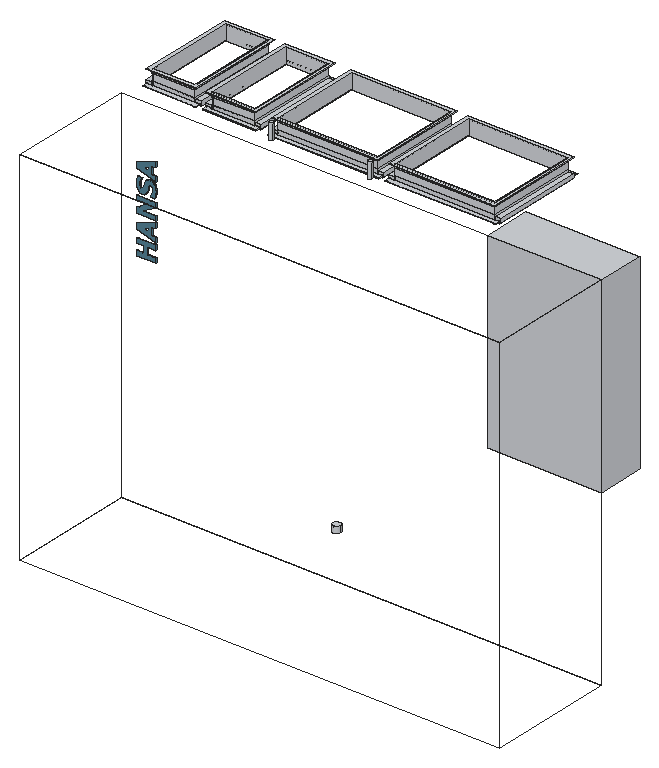
Revit family "KL-P-015-iK-G-L", category HLS-Bauteile, Revit 2020
Family settings
  Bemaßung runder Anschluss = Durchmesser verwenden
  Klassifizierung = Keine
  Teiletyp = Normal
  Arbeitsebenenbasiert = Nein
  Immer vertikal = Ja
  Beim Laden mit Abzugskörper schneiden = Nein
  Gemeinsam genutzt = Nein
  Raumberechnungspunkt = Nein
Parameters
  Zuluftbreite [instance] = 520 mm  # constant formula
  ZUAB_Breite_ungeteilt = 505 mm  # constant formula
  ZUAB_Breite_geteilt = 520 mm  # constant formula
  Vorgabe-Ansicht = 0 mm
  TyS [instance] = size_lookup("TyS_Hansa_KL_P", "", "ND", RLT_Serie, Gehaeuserichtung, Gehaeuseausfuehrung, RLT_MSR_KZ)  # "KL-P-015-iK-G-L-eCS"
  Schaltschrankbreite [instance] = 600 mm
  Schaltschrank_montiert [instance] = yes
  SSaG [instance] = and(or(Regelung SAIA, Regelung OJ), Schaltschrank_montiert)  # yes
  Regelung SAIA [instance] = yes
  Regelung OJ [instance] = no
  RLT_Volumenstrom_max = 1500 m³/h  # constant formula
  RLT_Volumenstrom_Unit_2 [instance] = 1500 m³/h
  RLT_Volumenstrom_Unit_1 [instance] = 1500 m³/h
  RLT_Typenschlüssel [instance] = TyS  # "KL-P-015-iK-G-L-eCS"
  RLT_Serie = "KL-P-015-iK"  # constant formula
  RLT_Material_außen [instance] = Stahlblech verzinkt + RAL 9002
  RLT_MSR_KZ [instance] = if(Regelung SAIA, "eCS", if(Regelung OJ, "eCO", "-"))  # "eCS"
  RLT_Länge [instance] = L  # 1920 mm
  RLT_Höhe = H  # 1790 mm
  RLT_Gewicht [instance] = size_lookup("TD_Hansa_KL_P", "Gewicht", 0 mm, TyS) / 1 mm * 1.00 kg  # 0.00 kg
  RLT_Breite = B  # 670 mm
  Modell = "KL-P-015-iK-G-L"  # constant formula
  L2 = 1260 mm  # constant formula
  L1 = 660 mm  # constant formula
  L = L1 + L2  # 1920 mm
  Kanaltiefe [instance] = RLT_Breite - 190 mm  # 480 mm
  Hersteller = "Hansa"  # constant formula
  H = 1790 mm  # constant formula
  GeräteOK [instance] = H + Fuß  # 1910 mm
  Gehaeuserichtung [instance] = "L"  # constant formula
  Gehaeuseausfuehrung [instance] = "geteilt"  # constant formula
  GD_Spannung [instance] = 230 V
  GD_Phasen [instance] = 1
  GD_Nennstrom [instance] = 0 A
  GD_Anschlussleistung [instance] = 0 W
  Fuß [instance] = 120 mm  # constant formula
  Fortluftbreite = 220 mm  # constant formula
  Bedienzone [instance] = yes
  Baugruppe [instance] = "RLT-Gerät"  # constant formula
  BZl [instance] = if(and(or(Regelung SAIA, Regelung OJ), Schaltschrank_montiert), L + Schaltschrankbreite, L)  # 2520 mm
  B = 670 mm  # constant formula
  Außenluftbreite = 220 mm  # constant formula
  Abluftbreite [instance] = 520 mm  # constant formula
Reference planes
  plane 1 "Mitte (Vorne/hinten)": y = 0
  plane 2: z = 0
  plane 3 "Mitte (Links/rechts)": x = 0
  plane 4: x = -960
  plane 5: x = 960
  plane 6 "GV": y = -335
  plane 7 "GH": y = 335
  plane 8 "OKG": z = 1910
  plane 9: y = 272.5
  plane 10: y = -312.5
  plane 11: x = -897.5
  plane 12: x = 897.5
  plane 13: x = -677.5
  plane 14: x = -582.5
  plane 15: x = -362.5
  plane 16: x = 377.5
  plane 17: x = 282.5
  plane 18: x = -237.5
  plane 19: z = 1990
  plane 20 "UKG": z = 120
  plane 21: y = -85
  plane 22: y = -125
  plane 23: z = 90
  plane 24: y = -259
  plane 25: x = -300
  plane 26: y = -1005
  plane 27: x = 1560
Forms (mm)
  Extrusion 1, solid, visible <- "SSaG"
    sketch origin (-61.559, 0, -70) x (1, 0, 0) y (0, 0, 1)
      loop
        line (1021.559, 1980) -> (1021.559, 980) -> (1621.559, 980) -> (1621.559, 1980) -> (1021.559, 1980)
    from 335 to 85
  Extrusion 2, solid
    sketch origin (0, 0, 0) x (1, 0, 0) y (0, 1, 0)
      loop
        circle (0, -125) r 20
    from 120 to 90
  Extrusion 3, solid
    sketch origin (0, 0, 0) x (1, 0, 0) y (0, 1, 0)
      loop
        circle (-237.5, -259) r 10
      loop
        circle (282.5, -259) r 10
    from 1990 to 1910
  Extrusion 4, solid, material "Glas - klar", visible <- "Bedienzone"
    sketch origin (0, 0, 0) x (1, 0, 0) y (0, 1, 0)
      loop
        line (-960, -335) -> (-960, -1005) -> (1560, -1005) -> (1560, -335) -> (-960, -335)
    from 1910 to 0
Dimensions and locks
  equal spacing: plane 4, plane 3 "Mitte (Links/rechts)", plane 5
  "L": plane 4 to plane 5
  "B": plane 7 "GH" to plane 6 "GV"
  locked: plane 7 "GH" to plane 9 at 62.5
  locked: plane 4 to plane 11 at 62.5
  locked: plane 12 to plane 5 at 62.5
  "Fortluftbreite": plane 11 to plane 13
  locked: plane 13 to plane 14 at 95
  "Außenluftbreite": plane 14 to plane 15
  "Abluftbreite": plane 16 to plane 12
  locked: plane 17 to plane 16 at 95
  "Zuluftbreite": plane 18 to plane 17
  plane 15 to plane 18 = 125 mm
  locked: nested 3 to plane 16 at 95
  "Fuß": plane 20 "UKG" to level
  plane 19 to plane 8 "OKG" = 80 mm
  locked: plane 4 to nested 1 at 62.5
  locked: plane 13 to nested 2 at 95
  locked: nested 4 to plane 5 at 62.5
  Extrusion 1 to plane 5 = 600 mm
  "RLT_Höhe": plane 8 "OKG" to plane 20 "UKG"
  equal spacing: plane 7 "GH", plane 1 "Mitte (Vorne/hinten)", plane 6 "GV"
  locked: plane 6 "GV" to plane 21 at 250
  locked: plane 6 "GV" to plane 22 at 210
  plane 20 "UKG" to plane 23 = 30 mm
  locked: plane 24 to plane 6 "GV" at 76
  "L1": plane 4 to plane 25
  "B": plane 26 to plane 6 "GV"
  "BZl": Extrusion 4 to Extrusion 4
  "Schaltschrankbreite": plane 5 to plane 27
  aligned and locked: level to plane 2
  aligned and locked: Extrusion 1 to plane 5
  aligned and locked: Extrusion 1 to plane 8 "OKG"
  aligned and locked: plane 6 "GV" to Extrusion 1
  aligned and locked: plane 21 to Extrusion 1
  aligned and locked: plane 20 "UKG" to Extrusion 2
  aligned and locked: Extrusion 2 to plane 23
  aligned and locked: Extrusion 3 to plane 8 "OKG"
  aligned and locked: plane 19 to Extrusion 3
  aligned and locked: plane 4 to Extrusion 4
  aligned and locked: Extrusion 4 to plane 6 "GV"
  aligned and locked: Extrusion 4 to plane 26
  aligned and locked: plane 8 "OKG" to Extrusion 4
  aligned and locked: plane 27 to Extrusion 1
  aligned and locked: plane 7 "GH" to nested 6
  aligned and locked: plane 4 to nested 6
Automatic sketch dimensions
  Extrusion 1 sketch curve to plane 5 = 0 mm
  Extrusion 1 sketch curve to plane 8 "OKG" = 0 mm
  plane 5 to Extrusion 1 sketch curve = 600 mm
  plane 20 "UKG" to Extrusion 1 sketch curve = 790 mm
  Extrusion 2 sketch curve to plane 3 "Mitte (Links/rechts)" = 0 mm
  Extrusion 2 sketch curve to plane 22 = 0 mm
  Extrusion 3 sketch curve to plane 18 = 0 mm
  Extrusion 3 sketch curve to plane 17 = 0 mm
  Extrusion 3 sketch curve to plane 24 = 0 mm  (x2)
  Extrusion 4 sketch curve to plane 4 = 0 mm
  plane 5 to Extrusion 4 sketch curve = 600 mm
  Extrusion 4 sketch curve to plane 26 = 0 mm
  plane 6 "GV" to Extrusion 4 sketch curve = 0 mm
  radius of Extrusion 2 sketch curve = 20 mm
  radius of Extrusion 3 sketch curve = 10 mm  (x2)
Nested families
  nested 1: "Kanalstutzen" at (-787.5, 29.209, 1910) x (1, 0, 0) z (0, -1, 0), 2570_EST_Breite <- "Fortluftbreite", 2571_EST_Höhe <- "Kanaltiefe", built-in parameter 1001360 <- "GeräteOK", type "Kanalstutzen"
    with Tiefe 80 mm, RahmenG2 20 mm, RahmenG1 30 mm, Höhe 480 mm, Breite 220 mm, 2572_EST_Tiefe 80 mm, 2571_EST_Höhe 480 mm, 2570_EST_Breite 220 mm, 1966_EST_Rahmentyp ""
  nested 2: "Kanalstutzen" at (-472.5, 29.209, 1910) x (1, 0, 0) z (0, -1, 0), 2570_EST_Breite <- "Außenluftbreite", 2571_EST_Höhe <- "Kanaltiefe", built-in parameter 1001360 <- "GeräteOK", type "Kanalstutzen"
    with Tiefe 80 mm, RahmenG2 20 mm, RahmenG1 30 mm, Höhe 480 mm, Breite 220 mm, 2572_EST_Tiefe 80 mm, 2571_EST_Höhe 480 mm, 2570_EST_Breite 220 mm, 1966_EST_Rahmentyp ""
  nested 3: "Kanalstutzen" at (22.5, 29.209, 1910) x (1, 0, 0) z (0, -1, 0), 2570_EST_Breite <- "Zuluftbreite", 2571_EST_Höhe <- "Kanaltiefe", built-in parameter 1001360 <- "GeräteOK", type "Kanalstutzen"
    with Tiefe 80 mm, RahmenG2 20 mm, RahmenG1 30 mm, Höhe 480 mm, Breite 520 mm, 2572_EST_Tiefe 80 mm, 2571_EST_Höhe 480 mm, 2570_EST_Breite 520 mm, 1966_EST_Rahmentyp ""
  nested 4: "Kanalstutzen" at (637.5, 29.209, 1910) x (1, 0, 0) z (0, -1, 0), 2570_EST_Breite <- "Abluftbreite", 2571_EST_Höhe <- "Kanaltiefe", built-in parameter 1001360 <- "GeräteOK", type "Kanalstutzen"
    with Tiefe 80 mm, RahmenG2 20 mm, RahmenG1 30 mm, Höhe 480 mm, Breite 520 mm, 2572_EST_Tiefe 80 mm, 2571_EST_Höhe 480 mm, 2570_EST_Breite 520 mm, 1966_EST_Rahmentyp ""
  nested 5: "Hansa_Aufkleber_klein" at (-780, -335, 1390) x (0, 0, 1) z (0, -1, 0), type "Hansa_Aufkleber_klein"
  nested 6: "P-015-G-L_ipt" at (0, 0, 0), type "Norm"
Connectors
  hvac at (-787.5, 29.209, 1989), driven by "RLT_Volumenstrom_Unit_2", driven by "Fortluftbreite", driven by "Kanaltiefe"
    settings: on nested 1, index 1, duct flow 1500 m³/h, flow factor 0, pres drop 0.0 Pa, loss coef 0, conn angle 0.00°, conn width 220 mm, conn height 480 mm, conn diameter 609.6 mm, duct sys type 3, conn prof type 1, flow config 1, flow direction 2, loss method 0, conn ref index -1, conn util no, is conn primary yes, conn desc ""
  hvac at (-472.5, 29.209, 1989), driven by "RLT_Volumenstrom_Unit_1", driven by "Außenluftbreite", driven by "Kanaltiefe"
    settings: on nested 2, index 2, duct flow 1500 m³/h, flow factor 0, pres drop 0.0 Pa, loss coef 0, conn angle 0.00°, conn width 220 mm, conn height 480 mm, conn diameter 609.6 mm, duct sys type 1, conn prof type 1, flow config 1, flow direction 1, loss method 0, conn ref index -1, conn util no, is conn primary no, conn desc ""
  hvac at (22.5, 29.209, 1989), driven by "RLT_Volumenstrom_Unit_1", driven by "Zuluftbreite", driven by "Kanaltiefe"
    settings: on nested 3, index 3, duct flow 1500 m³/h, flow factor 0, pres drop 0.0 Pa, loss coef 0, conn angle 0.00°, conn width 520 mm, conn height 480 mm, conn diameter 609.6 mm, duct sys type 1, conn prof type 1, flow config 0, flow direction 2, loss method 0, conn ref index -1, conn util no, is conn primary no, conn desc ""
  hvac at (637.5, 29.209, 1989), driven by "RLT_Volumenstrom_Unit_2", driven by "Abluftbreite", driven by "Kanaltiefe"
    settings: on nested 4, index 4, duct flow 1500 m³/h, flow factor 0, pres drop 0.0 Pa, loss coef 0, conn angle 0.00°, conn width 520 mm, conn height 480 mm, conn diameter 609.6 mm, duct sys type 2, conn prof type 1, flow config 0, flow direction 1, loss method 0, conn ref index -1, conn util no, is conn primary no, conn desc ""
  piping at (0, -125, 90), diameter 40
    settings: on Extrusion 2, index 5, connector inside diameter 609.6 mm, connector length 0 mm, flow factor 0, pipe flow 0.0 L/s, pressure drop 0.0 Pa, fitting loss kfactor 0, connector angle 0.00°, fixture units 0, engagement length 0 mm, angle of deflection 0.00°, flow configuration 0, flow direction 2, fitting loss method 0, system type 16, joint type 0, gender type 0, connector reference index -1, connector utility 0, adjustable connector no, is connector primary yes, connector description ""
  piping at (-237.5, -259, 1990), diameter 20
    settings: on Extrusion 3, index 6, connector inside diameter 609.6 mm, connector length 0 mm, flow factor 0, pipe flow 0.0 L/s, pressure drop 0.0 Pa, fitting loss kfactor 0, connector angle 0.00°, fixture units 0, engagement length 0 mm, angle of deflection 0.00°, flow configuration 0, flow direction 1, fitting loss method 0, system type 7, joint type 0, gender type 0, connector reference index -1, connector utility 0, adjustable connector no, is connector primary no, connector description ""
  piping at (282.5, -259, 1990), diameter 20
    settings: on Extrusion 3, index 7, connector inside diameter 609.6 mm, connector length 0 mm, flow factor 0, pipe flow 0.0 L/s, pressure drop 0.0 Pa, fitting loss kfactor 0, connector angle 0.00°, fixture units 0, engagement length 0 mm, angle of deflection 0.00°, flow configuration 0, flow direction 2, fitting loss method 0, system type 19, joint type 0, gender type 0, connector reference index -1, connector utility 0, adjustable connector no, is connector primary no, connector description ""
Definition of nested family "Kanalstutzen"
  Parameters (values of type "Kanalstutzen")
    Default Elevation = 0 mm
    Tiefe [instance] = [2572_EST_Tiefe]  # 80 mm
    RahmenG2 [instance] = 20 mm
    RahmenG1 [instance] = 30 mm
    Höhe [instance] = [2571_EST_Höhe]  # 500 mm
    Manufacturer = "Hansa"
    Breite [instance] = [2570_EST_Breite]  # 1000 mm
    Description = "Durchbruchsverkleidung"
    2572_EST_Tiefe [instance] = 80 mm
    2571_EST_Höhe [instance] = 500 mm
    2570_EST_Breite [instance] = 1000 mm
    1966_EST_Rahmentyp [instance] = ""
  Reference planes
    plane 1 "Mitte (Vorne/hinten)": y = 0
    plane 2: z = 0
    plane 3 "Mitte (Links/rechts)": x = 0
    plane 4: x = -500
    plane 5: x = 500
    plane 6 "hinten": y = 80
    plane 7: z = 250
    plane 8: z = -250
    plane 9 "R1links": x = -530
    plane 10 "R1rechts": x = 530
    plane 11 "R2links": x = -520
    plane 12 "R2rechts": x = 520
    plane 13 "R1oben": z = 280
    plane 14 "R1unten": z = -280
    plane 15: z = -270
    plane 16: z = 270
  Forms (mm)
    Sweep 1, solid
      path origin (0, 0, 0) x (1, 0, 0) y (0, 0, 1)
        loop
          line (-500, 250) -> (-500, -250) -> (500, -250) -> (500, 250) -> (-500, 250)
      profile origin (0, 0, 250) x (0, 0, 1) y (0, -1, 0)
        loop
          line (0, -40) -> (0, -80) -> (20, -80) -> (20, -79) -> (1.999, -79) -> (1.999, -59) -> (0.962, -59) -> (0.962, -21.406) -> (1.999, -21.406) -> (1.999, -1.406) -> (30, -1.406) -> (30, 0) -> (0, 0) -> (0, -40)
  Dimensions and locks
    equal spacing: plane 4, plane 3 "Mitte (Links/rechts)", plane 5
    "Breite": plane 4 to plane 5
    equal spacing: plane 7, level, plane 8
    "Höhe": plane 7 to plane 8
    "RahmenG1": plane 9 "R1links" to plane 4
    "RahmenG1": plane 5 to plane 10 "R1rechts"
    "RahmenG2": plane 11 "R2links" to plane 4
    "RahmenG2": plane 5 to plane 12 "R2rechts"
    "RahmenG1": plane 13 "R1oben" to plane 7
    "RahmenG1": plane 8 to plane 14 "R1unten"
    "RahmenG2": plane 16 to plane 7
    "RahmenG2": plane 8 to plane 15
    Sweep 1 sketch curve to Sweep 1 sketch curve = 1.406 mm
    Sweep 1 sketch curve to Sweep 1 sketch curve = 1 mm
    Sweep 1 sketch curve to Sweep 1 sketch curve = 0.962 mm
    "2572_EST_Tiefe": plane 6 "hinten" to plane 1 "Mitte (Vorne/hinten)"
    aligned and locked: level to plane 2
    aligned and locked: plane 16 to Sweep 1 sketch curve
    aligned and locked: plane 13 "R1oben" to Sweep 1 sketch curve
    aligned and locked: plane 1 "Mitte (Vorne/hinten)" to Sweep 1
    aligned and locked: plane 1 "Mitte (Vorne/hinten)" to nested 1
    aligned and locked: nested 1 to plane 10 "R1rechts"
    aligned and locked: nested 2 to plane 9 "R1links"
    aligned and locked: plane 8 to nested 2
    aligned and locked: nested 1 to plane 8
  Automatic sketch dimensions
    plane 4 to Sweep 1 sketch curve = 0 mm
    plane 5 to Sweep 1 sketch curve = 0 mm
    Sweep 1 sketch curve to plane 8 = 0 mm
    Sweep 1 sketch curve to plane 7 = 0 mm
    Sweep 1 sketch curve to plane 1 "Mitte (Vorne/hinten)" = 0 mm
    profile plane to Sweep 1 sketch curve = 0 mm
    Sweep 1 sketch curve to profile plane = 1.999 mm  (x2)
    Sweep 1 sketch curve to Sweep 1 sketch curve = 20 mm  (x2)
    Sweep 1 sketch curve to Sweep 1 sketch curve = 18.594 mm
    Sweep 1 sketch curve to Sweep 1 sketch curve = 19 mm
  Nested families
    nested 1: "EGJK30" at (520, 0, -250), L <- "Höhe", type "EGJK30"
      with L 500 mm
    nested 2: "EGJK30" at (-520, 0, -250) x (-1, 0, 0) z (0, 0, 1), L <- "Höhe", type "EGJK30"
      with L 500 mm
  Definition of nested family "EGJK30"
    Parameters (values of type "EGJK30")
      Default Elevation = 0 mm
      L [instance] = 1000 mm
    Reference planes
      plane 1 "Mitte (Vorne/hinten)": y = 0
      plane 2: z = 0
      plane 3 "Mitte (Links/rechts)": x = 0
    Forms (mm)
      Extrusion 1, solid
        sketch origin (16.67, -35.46, 0) x (1, 0, 0) y (0, 1, 0)
          loop
            line (-26.67, 25.46) -> (-6.67, 25.46) -> (-6.67, 30.46) -> (-1.67, 30.46) -> (-1.67, 50.46) -> (-34.67, 50.46) -> (-34.67, 38.46) -> (-5.67, 38.46) -> (-5.67, 35.46) -> (-25.67, 35.46) -> (-25.67, 36.96) -> (-34.67, 36.96) -> (-34.67, 33.96) -> (-26.67, 25.46)
        from 0 to 1000
    Dimensions and locks
      "L": Extrusion 1 to Extrusion 1
      aligned and locked: level to plane 2
    Automatic sketch dimensions
      plane 1 "Mitte (Vorne/hinten)" to Extrusion 1 sketch curve = 0 mm
      Extrusion 1 sketch curve to plane 3 "Mitte (Links/rechts)" = 18 mm
      plane 1 "Mitte (Vorne/hinten)" to Extrusion 1 sketch curve = 1.5 mm
      Extrusion 1 sketch curve to Extrusion 1 sketch curve = 0 mm
      Extrusion 1 sketch curve to plane 3 "Mitte (Links/rechts)" = 10 mm
      Extrusion 1 sketch curve to plane 3 "Mitte (Links/rechts)" = 9 mm
      plane 1 "Mitte (Vorne/hinten)" to Extrusion 1 sketch curve = 5 mm
      plane 3 "Mitte (Links/rechts)" to Extrusion 1 sketch curve = 10 mm
      Extrusion 1 sketch curve to Extrusion 1 sketch curve = 1 mm
      Extrusion 1 sketch curve to Extrusion 1 sketch curve = 5 mm
      plane 1 "Mitte (Vorne/hinten)" to Extrusion 1 sketch curve = 10 mm
      Extrusion 1 sketch curve to plane 1 "Mitte (Vorne/hinten)" = 1.5 mm
      Extrusion 1 sketch curve to Extrusion 1 sketch curve = 1.5 mm
      Extrusion 1 sketch curve to Extrusion 1 sketch curve = 12 mm
Definition of nested family "Hansa_Aufkleber_klein"
  Parameters (values of type "Hansa_Aufkleber_klein")
    Default Elevation = 1219.2 mm
  Reference planes
    plane 1 "Mitte (Vorne/hinten)": y = 0
    plane 2: z = 0
    plane 3 "Mitte (Links/rechts)": x = 0
  Forms (mm)
    Extrusion 1, solid, detail levels medium+fine
      sketch origin (6.994, -10.767, 0) x (1, 0, 0) y (0, 1, 0)
        loop
          line (-226.694, 10.767) -> (-201.573, 10.767) -> (-201.573, 55.095) -> (-167.456, 55.095) -> (-167.456, 10.767) -> (-142.335, 10.767) -> (-142.335, 110.767) -> (-167.456, 110.767) -> (-167.456, 74.138) -> (-201.573, 74.138) -> (-201.573, 110.767) -> (-226.694, 110.767) -> (-226.694, 10.767)
        loop
          line (202.074, 82.404) -> (191.782, 49.341) -> (212.284, 49.341) -> (202.074, 82.404)
        loop
          line (188.703, 110.767) -> (154.91, 10.767) -> (180.032, 10.767) -> (186.353, 31.189) -> (217.795, 31.189) -> (224.035, 10.767) -> (249.886, 10.767) -> (216.093, 110.767) -> (188.703, 110.767)
        loop
          line (34.084, 10.767) -> (58.233, 10.767) -> (58.233, 110.767) -> (35.299, 110.767) -> (35.299, 53.474) -> (3.37, 110.767) -> (-27.424, 110.767) -> (-27.424, 10.767) -> (-4.49, 10.767) -> (-4.49, 80.459) -> (34.084, 10.767)
        loop
          line (-85.203, 82.404) -> (-95.495, 49.341) -> (-74.993, 49.341) -> (-85.203, 82.404)
        loop
          line (-98.575, 110.767) -> (-132.367, 10.767) -> (-107.245, 10.767) -> (-100.925, 31.189) -> (-69.482, 31.189) -> (-63.242, 10.767) -> (-37.391, 10.767) -> (-71.184, 110.767) -> (-98.575, 110.767)
        loop
          line (73.143, 16.683) -> (80.903, 13.695) -> (89.27, 11.213) -> (93.783, 10.238) -> (98.65, 9.542) -> (103.872, 9.124) -> (109.448, 8.984) -> (114.303, 9.126) -> (118.902, 9.552) -> (123.243, 10.261) -> (127.327, 11.253) -> (131.154, 12.53) -> (134.724, 14.09) -> (138.037, 15.933) -> (141.093, 18.061) -> (143.838, 20.421) -> (146.216, 22.963) -> (148.229, 25.688) -> (149.876, 28.595) -> (151.156, 31.685) -> (152.071, 34.957) -> (152.62, 38.411) -> (152.803, 42.048) -> (152.724, 44.578) -> (152.487, 46.981) -> (152.091, 49.257) -> (151.537, 51.407) -> (150.825, 53.431) -> (149.954, 55.328) -> (148.925, 57.098) -> (147.738, 58.741) -> (144.874, 61.745) -> (141.346, 64.434) -> (137.155, 66.81) -> (132.301, 68.871) -> (127.124, 70.542) -> (122.293, 71.829) -> (112.609, 74.057) -> (109.035, 74.977) -> (106.095, 75.952) -> (103.788, 76.982) -> (102.114, 78.069) -> (100.927, 79.287) -> (100.078, 80.713) -> (99.569, 82.346) -> (99.4, 84.187) -> (99.506, 85.453) -> (99.825, 86.659) -> (100.357, 87.803) -> (101.101, 88.887) -> (102.965, 90.731) -> (105.153, 92.048) -> (107.99, 93.142) -> (110.664, 93.83) -> (113.439, 94.195) -> (116.579, 94.317) -> (120.768, 94.112) -> (124.906, 93.496) -> (128.993, 92.471) -> (133.03, 91.035) -> (136.889, 89.3) -> (140.445, 87.378) -> (143.697, 85.268) -> (146.644, 82.971) -> (148.832, 82.971) -> (148.832, 105.824) -> (145.231, 107.285) -> (141.397, 108.589) -> (137.33, 109.737) -> (133.03, 110.727) -> (128.608, 111.524) -> (124.177, 112.094) -> (119.735, 112.436) -> (115.283, 112.55) -> (110.919, 112.414) -> (106.741, 112.006) -> (102.749, 111.325) -> (98.944, 110.372) -> (95.324, 109.147) -> (91.891, 107.65) -> (88.644, 105.88) -> (85.583, 103.839) -> (82.8, 101.578) -> (80.389, 99.151) -> (78.348, 96.559) -> (76.679, 93.8) -> (75.38, 90.876) -> (74.453, 87.786) -> (73.896, 84.53) -> (73.711, 81.108) -> (74.025, 76.136) -> (74.967, 71.596) -> (76.537, 67.486) -> (78.735, 63.806) -> (80.094, 62.119) -> (81.657, 60.522) -> (83.426, 59.014) -> (85.4, 57.597) -> (87.58, 56.269) -> (89.964, 55.031) -> (92.553, 53.884) -> (95.348, 52.826) -> (100.625, 51.195) -> (106.247, 49.868) -> (111.869, 48.642) -> (117.147, 47.315) -> (119.104, 46.707) -> (120.925, 45.937) -> (122.609, 45.006) -> (124.156, 43.912) -> (125.451, 42.645) -> (126.375, 41.197) -> (126.929, 39.566) -> (127.114, 37.753) -> (127, 36.17) -> (126.658, 34.744) -> (126.089, 33.475) -> (125.291, 32.364) -> (123.275, 30.53) -> (120.874, 29.163) -> (118.413, 28.312) -> (115.242, 27.704) -> (112.052, 27.339) -> (109.529, 27.218) -> (105.242, 27.433) -> (100.889, 28.079) -> (96.47, 29.155) -> (91.985, 30.662) -> (87.561, 32.569) -> (83.324, 34.845) -> (79.274, 37.492) -> (75.413, 40.508) -> (73.143, 40.508) -> (73.143, 16.683)
      from 0 to 2
  Dimensions and locks
    aligned and locked: level to plane 2
Definition of nested family "P-015-G-L_ipt"
  Parameters (values of type "Norm")
    Default Elevation = 0 mm
  Reference planes
    plane 1 "Mitte (Vorne/Hinten)": y = 0
    plane 2: z = 0
    plane 3 "Mitte (Links/Rechts)": x = 0
  Dimensions and locks
    aligned and locked: level to plane 2
